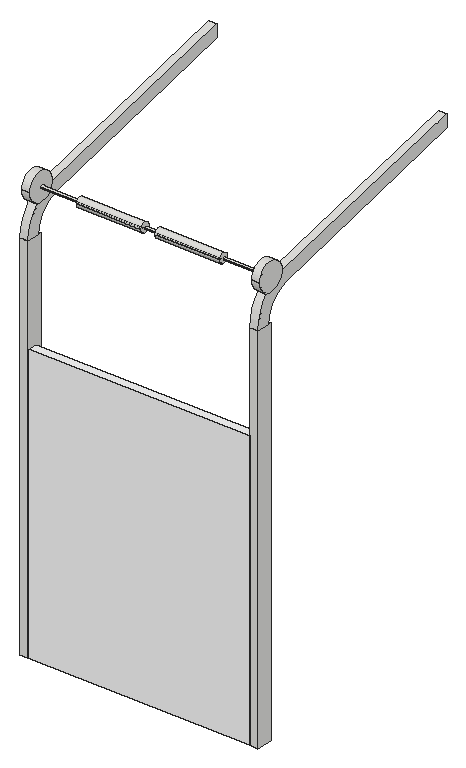
Revit family "Thermalweight-HL-312P", category Generic Models, host Wall, Revit 2026
Family settings
  Host = Wall
  Can host rebar = No
  Round Connector Dimension = Use Diameter
  Part Type = Normal
  Always vertical = Yes
  Cut with Voids When Loaded = Yes
  Maintain Annotation Orientation = No
  Shared = No
  Room Calculation Point = No
Parameters (values of type "8' x 10'")
  VerticalTrack = TrackHeight - (1' 6")  # 13' - 6"
  Type Comments = "Insulated"  # constant formula
  TrackWidth = 0' - 3 1/2"
  TrackHeight = OpeningHeight + HeadRoom  # 15' - 0"
  TrackDepth = 0' - 6 7/8"  # constant formula
  PanelSize = 2' - 0"  # constant formula
  OpeningWidth = 8' - 0"
  OpeningHeight = 10' - 0"
  Model = "Thermalweight"  # constant formula
  Manufacturer = "TKO"  # constant formula
  HorizTrack = OpeningHeight - HeadRoom + 2' 0"  # 7' - 0"
  HeadRoom = 5' - 0"  # constant formula
  DoorThk = 0' - 4"  # constant formula
  Description = "Sectional Door"  # constant formula
  Default Elevation = 0' - 0"
Types (16): name | VerticalTrack | TrackHeight | OpeningWidth | OpeningHeight | HorizTrack
  (no name) | 13' - 6" | 15' - 0" | 8' - 0" | 10' - 0" | 7' - 0"
  8' x 10' | 13' - 6" | 15' - 0" | 8' - 0" | 10' - 0" | 7' - 0"
  9' x 10' | 13' - 6" | 15' - 0" | 9' - 0" | 10' - 0" | 7' - 0"
  10' x 10' | 13' - 6" | 15' - 0" | 10' - 0" | 10' - 0" | 7' - 0"
  10' x 11' | 14' - 6" | 16' - 0" | 10' - 0" | 11' - 0" | 8' - 0"
  9' x 11' | 14' - 6" | 16' - 0" | 9' - 0" | 11' - 0" | 8' - 0"
  8' x 11' | 14' - 6" | 16' - 0" | 8' - 0" | 11' - 0" | 8' - 0"
  10' x 12' | 15' - 6" | 17' - 0" | 10' - 0" | 12' - 0" | 9' - 0"
  8' x 12' | 15' - 6" | 17' - 0" | 8' - 0" | 12' - 0" | 9' - 0"
  9' x 12' | 15' - 6" | 17' - 0" | 9' - 0" | 12' - 0" | 9' - 0"
  10' x 8' | 11' - 6" | 13' - 0" | 10' - 0" | 8' - 0" | 5' - 0"
  10' x 9' | 12' - 6" | 14' - 0" | 10' - 0" | 9' - 0" | 6' - 0"
  8' x 9' | 12' - 6" | 14' - 0" | 8' - 0" | 9' - 0" | 6' - 0"
  8' x 8' | 11' - 6" | 13' - 0" | 8' - 0" | 8' - 0" | 5' - 0"
  9' x 9' | 12' - 6" | 14' - 0" | 9' - 0" | 9' - 0" | 6' - 0"
  9' x 8' | 12' - 6" | 14' - 0" | 9' - 0" | 9' - 0" | 6' - 0"
Reference planes (in)
  plane 1: y = 0
  plane 2 "Center (Left/Right)": x = 0
  plane 3 "Wall Edge": y = 3
  plane 4: x = -48
  plane 5: x = 48
  plane 6: z = 120
  plane 7: y = 3
  plane 8: y = 7
  plane 9: z = 24
  plane 10: z = 48
  plane 11: z = 72
  plane 12: x = -51.5
  plane 13: x = 51.5
  plane 14: y = 9.875
  plane 15: z = 180
  plane 16: z = 96
  plane 17: z = 120
  plane 18: x = -3
  plane 19: x = 3
  plane 20: x = 31
  plane 21: x = -31
  plane 22: z = 162
  plane 23: y = 21
  plane 24: y = 105
  plane 25: y = 12
Forms (in)
  Extrusion 1, void
    sketch origin (0, 3, 0) x (1, 0, 0) y (0, 0, 1)
      loop
        line (48, 120) -> (-48, 120) -> (-48, 0) -> (48, 0) -> (48, 120)
    from 0 to 6
  Extrusion 2, solid, material "DOOR PANEL"
    sketch origin (0, 0, 0) x (1, 0, 0) y (0, 1, 0)
      loop
        line (-48, 7) -> (-48, 3) -> (48, 3) -> (48, 7) -> (-48, 7)
    from 0 to 120
  Extrusion 3, solid, material "Steel"
    sketch origin (0, 0, 0) x (1, 0, 0) y (0, 1, 0)
      loop
        line (-51.5, 9.875) -> (-51.5, 3) -> (-48, 3) -> (-48, 9.875) -> (-51.5, 9.875)
      loop
        line (48, 9.875) -> (48, 3) -> (51.5, 3) -> (51.5, 9.875) -> (48, 9.875)
    from 0 to 162
  Extrusion 4, solid, material "Steel"
    sketch origin (0, 0, 0) x (0, 1, 0) y (0, 0, 1)
      loop
        circle (9.875, 180) r 6
    from 48 to 51.5
  Extrusion 5, solid, material "Steel"
    sketch origin (0, -25.36813, -5.48201) x (0, 1, 0) y (0, 0, -1)
      loop
        circle (35.24313, -185.48201) r 6
    from 48 to 51.5
  Extrusion 6, solid, material "Steel"
    sketch origin (0, 0, 0) x (0, 1, 0) y (0, 0, 1)
      loop
        circle (9.875, 180) r 0.5
    from -48 to 48
  Extrusion 7, solid, material "Steel"
    sketch origin (0, 0, 0) x (0, 1, 0) y (0, 0, 1)
      loop
        circle (9.875, 180) r 2
    from 3 to 31
  Extrusion 8, solid, material "Steel"
    sketch origin (0, 0, 0) x (0, 1, 0) y (0, 0, -1)
      loop
        circle (9.875, -180) r 2
    from 3 to 31
  Extrusion 9, solid, material "Steel"
    sketch origin (0, 0, 0) x (0, 1, 0) y (0, 0, 1)
      loop
        line (3, 162) -> (8.375, 162)
        arc (8.375, 162) -> (11.05136, 169.77273) -> (17.94574, 174.24998) r 12.625
        line (17.94574, 174.24998) -> (105, 195.95505) -> (105, 201.4946) -> (16.64541, 179.46532)
        arc (16.64541, 179.46532) -> (6.81581, 173.08191) -> (3, 162) r 18
    from 48 to 51.5
  Extrusion 10, solid, material "Steel"
    sketch origin (0, 0, 0) x (0, 1, 0) y (0, 0, -1)
      loop
        arc (3, -162) -> (6.81581, -173.08191) -> (16.64541, -179.46532) r 18
        line (16.64541, -179.46532) -> (105, -201.4946) -> (105, -195.95505) -> (17.94574, -174.24998)
        arc (17.94574, -174.24998) -> (11.05136, -169.77273) -> (8.375, -162) r 12.625
        line (8.375, -162) -> (3, -162)
    from 48 to 51.5
Cuts and joins
  joined: Extrusion 3, Extrusion 4, Extrusion 5
Lines and regions (in)
  model lines
    curve 1: line (48, 3, 24) -> (-48, 3, 24)
    curve 2: line (-48, 3, 48) -> (48, 3, 48)
    curve 3: line (48, 3, 72) -> (-48, 3, 72)
    curve 4: line (48, 3, 96) -> (-48, 3, 96)
    curve 5: line (48, 3, 120) -> (-48, 3, 120)
Text (in)
  text "Placement Side" at (0, 40.15149, 123.01588), in view "Right"
  text "Placement Side" at (-70.3804, 83.26548, 0), in view "Ref. Level"
  text "Placement Side" at (0, 81.62555, 140.59947), in view "Left"
Dimensions and locks (in)
  locked: plane 3 "Wall Edge" to host wall
  equal spacing: plane 5, plane 2 "Center (Left/Right)", plane 4
  "OpeningWidth": plane 5 to plane 4
  "DoorThk": plane 7 to plane 8
  "TrackDepth": plane 14 to plane 7
  "TrackWidth": plane 12 to plane 4
  "TrackWidth": plane 5 to plane 13
  "PanelSize": plane 9 to level
  equal spacing: plane 17, plane 16, plane 11, plane 10, plane 9, level
  "OpeningHeight": level to plane 6
  equal spacing: plane 18, plane 2 "Center (Left/Right)", plane 19, locked at 3 each
  locked: plane 21 to plane 18 at 28
  locked: plane 19 to plane 20 at 28
  "VerticalTrack": level to plane 22
  "HeadRoom": plane 6 to plane 15
  locked: plane 7 to plane 23 at 18
  "HorizTrack": plane 24 to plane 23
  locked: plane 7 to plane 25 at 9
  host wall to Extrusion 3 = 0' - 9 7/8"
  radius of Extrusion 4 sketch curve = 0' - 6"
  radius of Extrusion 5 sketch curve = 0' - 6"
  radius of Extrusion 6 sketch curve = 0' - 0 1/2"
  radius of Extrusion 7 sketch curve = 0' - 2"
  radius of Extrusion 8 sketch curve = 0' - 2"
  radius of Extrusion 9 sketch curve = 1' - 6"
  radius of Extrusion 9 sketch curve = 1' - 0 5/8"
  radius of Extrusion 10 sketch curve = 1' - 6"
  radius of Extrusion 10 sketch curve = 1' - 0 5/8"
  locked: plane 22 to Extrusion 9 sketch curve (angle 14.00°)  (x2)
  aligned and locked: host wall to plane 7
  aligned and locked: Extrusion 1 sketch curve to plane 5
  aligned and locked: Extrusion 1 sketch curve to plane 4
  aligned and locked: Extrusion 1 to plane 7
  aligned and locked: host wall to Extrusion 1
  aligned and locked: Extrusion 2 to plane 3 "Wall Edge"
  aligned and locked: plane 8 to Extrusion 2
  aligned and locked: Extrusion 2 to plane 6
  aligned and locked: Extrusion 3 sketch curve to plane 14  (x2)
  aligned and locked: Extrusion 3 sketch curve to plane 12
  aligned and locked: curve 1 to Extrusion 3 sketch curve
  aligned and locked: plane 5 to Extrusion 3 sketch curve
  aligned and locked: Extrusion 3 sketch curve to plane 7
  aligned and locked: Extrusion 3 sketch curve to plane 13
  aligned and locked: plane 15 to Extrusion 4 sketch curve
  aligned and locked: plane 13 to Extrusion 4
  aligned and locked: Extrusion 4 to plane 5
  aligned and locked: plane 4 to Extrusion 5
  aligned and locked: Extrusion 5 to plane 12
  aligned and locked: curve 2 to plane 10
  aligned and locked: curve 3 to plane 11
  aligned and locked: curve 1 to plane 9
  aligned and locked: plane 5 to Extrusion 6
  aligned and locked: Extrusion 6 to plane 4
  aligned and locked: cut or joined group of Extrusion 3, Extrusion 4, Extrusion 5 to level
  aligned and locked: Extrusion 2 to level
  aligned and locked: curve 4 to plane 16
  aligned and locked: curve 5 to plane 17
  aligned and locked: level to Extrusion 2
  aligned and locked: Extrusion 1 sketch curve to level
  aligned and locked: Extrusion 1 sketch curve to plane 6
  aligned and locked: plane 15 to Extrusion 7 sketch curve
  aligned and locked: plane 14 to Extrusion 7 sketch curve
  aligned and locked: Extrusion 7 to plane 20
  aligned and locked: plane 19 to Extrusion 7
  aligned and locked: Extrusion 8 to plane 18
  aligned and locked: plane 21 to Extrusion 8
  aligned and locked: plane 15 to Extrusion 8 sketch curve
  aligned and locked: Extrusion 8 sketch curve to plane 14
  aligned and locked: plane 22 to cut or joined group of Extrusion 3, Extrusion 4, Extrusion 5
  aligned and locked: plane 24 to Extrusion 9 sketch curve
  aligned and locked: plane 22 to Extrusion 9 sketch curve
  aligned and locked: plane 13 to Extrusion 9
  aligned and locked: Extrusion 9 to plane 5
  aligned and locked: Extrusion 10 to plane 12
  aligned and locked: plane 4 to Extrusion 10
  aligned and locked: plane 24 to Extrusion 10
  aligned and locked: Extrusion 10 to plane 22
  aligned and locked: Extrusion 9 to Extrusion 10  (x2)
  aligned and locked: Extrusion 9 to plane 22
  aligned and locked: plane 24 to Extrusion 9
  aligned and locked: Extrusion 10 sketch curve to Extrusion 9  (x2)
  aligned and locked: Extrusion 10 sketch curve to plane 24
  aligned and locked: Extrusion 10 sketch curve to plane 22
  aligned and locked: plane 15 to Extrusion 5 sketch curve
  aligned and locked: Extrusion 2 to cut or joined group of Extrusion 3, Extrusion 4, Extrusion 5
  aligned and locked: Extrusion 2 to plane 5
  aligned and locked: cut or joined group of Extrusion 3, Extrusion 4, Extrusion 5 to plane 4
Automatic sketch dimensions
  Extrusion 2 sketch curve to host wall = 0' - 0"
  plane 4 to Extrusion 2 sketch curve = 0' - 0"
  plane 5 to Extrusion 2 sketch curve = 0' - 0"
  Extrusion 2 sketch curve to plane 8 = 0' - 0"
  curve 3 to plane 4 = 0' - 0"
  curve 1 to plane 4 = 0' - 0"
  curve 2 to plane 4 = 0' - 0"
  curve 4 to plane 4 = 0' - 0"
  curve 5 to plane 4 = 0' - 0"
  curve 4 to plane 5 = 0' - 0"
  curve 2 to plane 5 = 0' - 0"
  curve 5 to plane 5 = 0' - 0"
  curve 1 to plane 5 = 0' - 0"
  curve 3 to plane 5 = 0' - 0"
  plane 4 to Extrusion 3 sketch curve = 0' - 0"
  Extrusion 3 sketch curve to plane 13 = 0' - 0"
  Extrusion 6 sketch curve to plane 15 = 0' - 0"
  Extrusion 9 sketch curve to Extrusion 9 sketch curve = 0' - 0"
  Extrusion 9 sketch curve to host wall = 0' - 0"
  Extrusion 9 sketch curve to plane 15 = 0' - 0.53468"
  Extrusion 9 sketch curve to plane 23 = 0' - 3.05426"
  Extrusion 10 sketch curve to plane 15 = 0' - 0.53468"
  Extrusion 10 sketch curve to plane 23 = 0' - 3.05426"
  Extrusion 5 sketch curve to plane 14 = 0' - 0"
  Extrusion 4 sketch curve to plane 14 = 0' - 0"
  Extrusion 6 sketch curve to plane 14 = 0' - 0"
